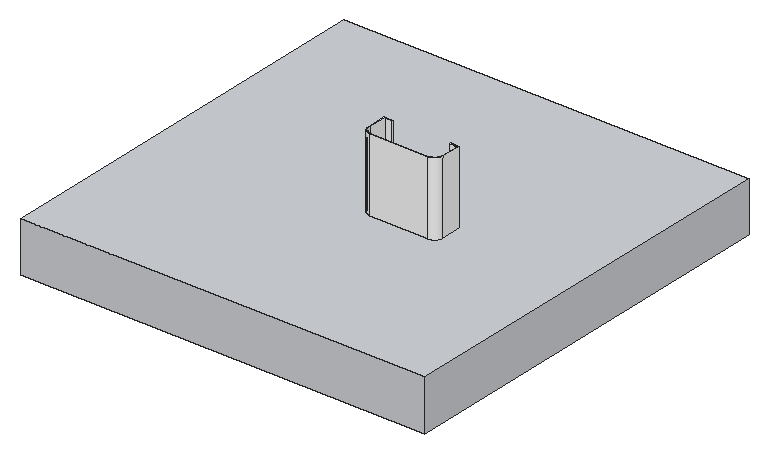
Revit family "IS_TonicII_Multiproduct_BIM_DE_R4341;R4342;R4343;R4344", category Casework, host Face, Revit 2015
Parameters (values of type "R4344WG - Turano 450 mm Open Shelf Unit")
  WarrantyStartDate [instance] = "1900-12-31T23:59:59"
  WarrantyGuarantorParts = "Sottinicustomercare@sottini.co.uk"
  WarrantyGuarantorLabor = "n/a"
  WarrantyDurationUnit = "year"
  WarrantyDurationParts = "5"
  WarrantyDurationLabor = "n/a"
  WarrantyDescription = "Manufacturers warranty"
  VolumeUnits = "Litres"
  Version = "2"
  Uniclass2015Version = "Products v1.1"
  Uniclass2015Title = ""
  Uniclass2015Code = ""
  URL = "www.specifysottini.co.uk"
  Type Comments = "n/a"
  TagNumber [instance] = "n/a"
  SustainabilityPerformance = "FSC"
  Style = "Shelves"
  SpareParts = "www.fastpart-spares.co.uk"
  Space = "Internal"
  Size = "170 x 440 x 450 mm"
  Shape = "Rectangular"
  SerialNumber [instance] = "n/a"
  Revision = "n/a"
  ReplacementCost = "n/a"
  ProductInformation = "www.idealspec.co.uk/assets/datasheet/R4344WG"
  Phone = "0800 834 266"
  NominalWidth = 450 mm
  NominalLength = 440 mm
  NominalHeight = 170 mm
  NominalDepth = 440 mm
  NettWeight = "3.5 Kg"
  Name = "Shelves_Turano_R4344WG_Sottini"
  NBSTypeID = "n/a"
  NBSReference = "45-35-72/354"
  NBSOfficeMasterTag = "n/a"
  NBSNote = "n/a"
  NBSDescription = "Shelves"
  NBSCertification = "n/a"
  ModelReference = Description  # "Turano 450 mm open shelf unit"
  ModelNumber = Model  # "R4344WG"
  Model = "R4344WG"
  Material = "Varies, see product information"
  ManufacturerURL = "www.specifysottini.co.uk"
  Manufacturer = "Sottinisales@sottini.co.uk"
  MainColor = "Gloss White"
  LinearUnits = "millimeters"
  LaminateMtl = SOT_Sottini_Laminate_White_Render
  Keynote = "n/a"
  InstallationInstructions = "www.idealspec.co.uk/resources.html"
  InstallationDate [instance] = "1900-12-31T23:59:59"
  IfcExportType = "Shelves"
  IfcExportAs = "IfcFurnitureType"
  GrossWeight = "n/a"
  Grade = "n/a"
  Finish = Color  # "Gloss White"
  Features = "450 mm open shelf unit"
  ExpectedLife = "30"
  DurationUnit = "year"
  Description = "Turano 450 mm open shelf unit"
  Default Elevation = 800 mm
  CurrencyUnit = "n/a"
  CreatedOn = "2016-09-05"
  Cost = 0
  Constituents = "n/a"
  ConnectionType = "Mechanical"
  Color = "Gloss White"
  CodePerformance = "FSC, EN 14749:2005"
  Category = "n/a"
  Brand = "Sottini"
  BarCode = ""
  BIMObjectName = "SOT_Sottini_Shelves_Turano_R4344WG"
  Author = "Sottini"
  AssetType = "Fixed"
  AssetIdentifier [instance] = "n/a"
  Assembly Code = "C1030200"
  AreaUnits = "millimeters"
  AreaMeasurement = "n/a"
  Accessories = "www.specifysottini.co.uk"
  AccessibilityPerformance = "n/a"
Types (5, lengths in mm): name | Size | ProductInformation | NominalWidth | NettWeight | Name | ModelReference | ModelNumber | Model | Features | Description | BIMObjectName
  R4344WG - Turano 450 mm Open Shelf Unit | "170 x 440 x 450 mm" | "www.idealspec.co.uk/assets/datasheet/R4344WG" | 450 | "3.5 Kg" | "Shelves_Turano_R4344WG_Sottini" | "Turano 450 mm open shelf unit" | "R4344WG" | "R4344WG" | "450 mm open shelf unit" | "Turano 450 mm open shelf unit" | "SOT_Sottini_Shelves_Turano_R4344WG"
  R4343WG - Turano 800 mm Open Shelf Unit | "170 x 440 x 800 mm" | "www.idealspec.co.uk/assets/datasheet/R4343WG" | 800 | "8 Kg" | "Shelves_Turano_R4343WG_Sottini" | "Turano 800 mm open shelf unit" | "R4343WG" | "R4343WG" | "800 mm open shelf unit" | "Turano 800 mm open shelf unit" | "SOT_Sottini_Shelves_Turano_R4343WG"
  R4342WG - Turano 600 mm Open Shelf Unit | "170 x 440 x 600 mm" | "www.idealspec.co.uk/assets/datasheet/R4342WG" | 600 | "7 Kg" | "Shelves_Turano_R4342WG_Sottini" | "Turano 600 mm open shelf unit" | "R4342WG" | "R4342WG" | "600 mm open shelf unit" | "Turano 600 mm open shelf unit" | "SOT_Sottini_Shelves_Turano_R4342WG"
  R4341WG - Turano 500 mm Open Shelf Unit | "170 x 440 x 500 mm" | "www.idealspec.co.uk/assets/datasheet/R4341WG" | 500 | "5 Kg" | "Shelves_Turano_R4341WG_Sottini" | "Turano 500 mm open shelf unit" | "R4341WG" | "R4341WG" | "500 mm open shelf unit" | "Turano 500 mm open shelf unit" | "SOT_Sottini_Shelves_Turano_R4341WG"
  R4340WG - Turano 350 mm Open Shelf Unit | "170 x 440 x 351 mm" | "www.idealspec.co.uk/assets/datasheet/R4340WG" | 350 | "5 Kg" | "Shelves_Turano_R4340WG_Sottini" | "Turano 350 mm open shelf unit" | "R4340WG" | "R4340WG" | "350 mm open shelf unit" | "Turano 350 mm open shelf unit" | "SOT_Sottini_Shelves_Turano_R4340WG"
Reference planes
  plane 1 "Center (Front/Back)": y = 0
  plane 2: z = 0
  plane 3 "Center (Left/Right)": x = 0
  plane 4: y = -170
  plane 5: x = 450
  plane 6: y = -4
  plane 7: y = -166
  plane 8: x = 4
  plane 9: x = 446
  plane 10: x = 50
  plane 11: x = 400
  plane 12: z = 440
  plane 13: z = 30
Forms (mm)
  Extrusion 1, solid
    sketch origin (0, 0, 0) x (1, 0, 0) y (0, 1, 0)
      loop
        line (-1219.2, 1219.2) -> (-1219.2, -1219.2) -> (1219.2, -1219.2) -> (1219.2, 1219.2) -> (-1219.2, 1219.2)
    from 0 to -304.8
  Extrusion 2, solid, material "SOT_Sottini_Laminate_White_Render" <- "LaminateMtl"
    sketch origin (0, 0, 0) x (1, 0, 0) y (0, 1, 0)
      loop
        line (0, 0) -> (0, -120)
        arc (0, -120) -> (14.645, -155.355) -> (50, -170) r 50
        line (50, -170) -> (400, -170)
        arc (400, -170) -> (435.355, -155.355) -> (450, -120) r 50
        line (450, -120) -> (450, 0) -> (0, 0)
    from 0 to 440
  Extrusion 3, void
    sketch origin (-101.83, -4572, 440) x (0, -1, 0) y (-1, 0, 0)
      loop
        line (-4568, -105.83) -> (-4568, -151.83) -> (-4572, -151.83) -> (-4572, -501.83) -> (-4568, -501.83) -> (-4568, -547.83) -> (-4456, -547.83)
        arc (-4456, -547.83) -> (-4420.645, -533.185) -> (-4406, -497.83) r 50
        line (-4406, -497.83) -> (-4406, -155.83)
        arc (-4406, -155.83) -> (-4420.645, -120.475) -> (-4456, -105.83) r 50
        line (-4456, -105.83) -> (-4568, -105.83)
    from 0 to 440
  Extrusion 4, void
    sketch origin (0, 0, 0) x (-1, 0, 0) y (0, 0, 1)
      loop
        line (-450, 30) -> (-450, 0) -> (0, 0) -> (0, 30) -> (-450, 30)
    from -4 to 0
Cuts and joins
  Extrusion 3, Extrusion 4 cuts Extrusion 2
Dimensions and locks
  "NominalWidth": plane 3 "Center (Left/Right)" to plane 5
  "NominalHeight": plane 4 to plane 1 "Center (Front/Back)"
  locked: plane 1 "Center (Front/Back)" to plane 6 at 4
  locked: plane 7 to plane 4 at 4
  locked: plane 3 "Center (Left/Right)" to plane 8 at 4
  locked: plane 9 to plane 5 at 4
  locked: plane 3 "Center (Left/Right)" to plane 10 at 50
  locked: plane 11 to plane 5 at 50
  "NominalDepth": plane 12 to Extrusion 1
  locked: plane 13 to Extrusion 1 at 30
  aligned and locked: plane 2 to Extrusion 1
  aligned and locked: level to Extrusion 1
  aligned and locked: plane 1 "Center (Front/Back)" to Extrusion 2 sketch curve
  aligned and locked: plane 3 "Center (Left/Right)" to Extrusion 2 sketch curve
  aligned and locked: plane 4 to Extrusion 2 sketch curve
  aligned and locked: plane 5 to Extrusion 2 sketch curve
  aligned and locked: plane 12 to Extrusion 2
  aligned and locked: Extrusion 2 to level
  aligned and locked: plane 6 to Extrusion 3 sketch curve
  aligned and locked: plane 8 to Extrusion 3 sketch curve
  aligned and locked: Extrusion 3 sketch curve to plane 7
  aligned and locked: Extrusion 3 sketch curve to plane 9
  aligned and locked: plane 11 to Extrusion 3 sketch curve
  aligned and locked: Extrusion 3 sketch curve to plane 10
  aligned and locked: plane 1 "Center (Front/Back)" to Extrusion 3 sketch curve
  aligned and locked: Extrusion 3 to level
  aligned and locked: plane 12 to Extrusion 3
  aligned and locked: Extrusion 4 sketch curve to plane 13
  aligned and locked: Extrusion 4 sketch curve to cut or joined group of Extrusion 2, Extrusion 3, Extrusion 4  (x2)
  aligned and locked: plane 5 to Extrusion 4 sketch curve
  aligned and locked: Extrusion 4 to plane 6
  aligned and locked: Extrusion 4 to plane 1 "Center (Front/Back)"
Automatic sketch dimensions
  Extrusion 1 sketch curve to Extrusion 1 sketch curve = 2438.4 mm  (x2)
  Extrusion 2 sketch curve to plane 10 = 0 mm
  plane 11 to Extrusion 2 sketch curve = 0 mm
  plane 6 to Extrusion 3 sketch curve = 0 mm
  plane 7 to Extrusion 3 sketch curve = 50 mm  (x2)
